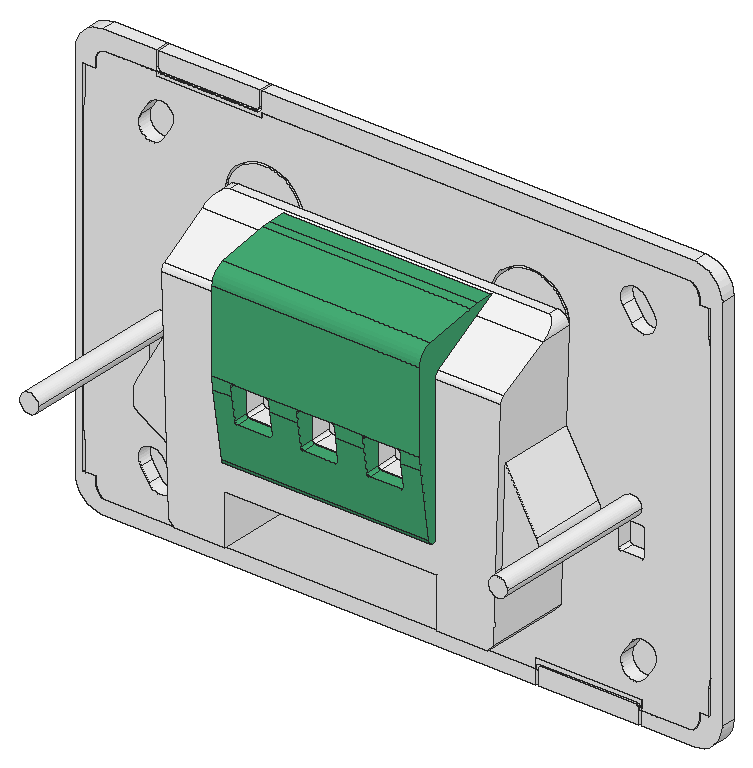
Revit family "SE - Cadence - P3025X__", category Electrical Fixtures, Revit 2016
Family settings
  Maintain Annotation Orientation = No
  Part Type = Normal
  Round Connector Dimension = Use Diameter
  OmniClass Number = 23.80.50.11.14
  OmniClass Title = Switches
  Work Plane-Based = No
  Always vertical = No
  Cut with Voids When Loaded = No
  Shared = No
  Room Calculation Point = No
Parameters (values of type "P3025X")
  Width [instance] = if(Product Selection = Assembly, 116 mm, if(Product Selection = Grid, 112 mm, 116 mm))  # 116 mm
  White = Colour : White
  URL = ""
  Type Image = <None>
  Standards [instance] = if(Product Selection = Skin, "NA", "AS 3112")  # "AS 3112"
  Skin surface finish [instance] = if(Product Selection = Skin, "Glossy", if(Product Selection = Assembly, "Glossy", "NA"))  # "Glossy"
  Skin colour [instance] = if(and(Product Selection = Skin, Skin Colour Option = White), "White", if(and(Product Selection = Skin, Skin Colour Option = Black), "Black", if(and(Product Selection = Assembly, Skin Colour Option = White), "White", if(and(Product Selection = Assembly, Skin Colour Option = Black), "Black", if(Product Selection = Grid, "NA", "NA")))))  # "White"
  Skin Option [instance] = or(Product Selection = Skin, or(Product Selection = Assembly))  # yes
  Skin = Option : Skin
  Rated current [instance] = if(Product Selection = Skin, "NA", "10 A, 250 V AC, 50 Hz")  # "10 A, 250 V AC, 50 Hz"
  Range = "Clipsal Pro Series"  # constant formula
  REACH Declaration = ""
  Product certifications [instance] = if(Product Selection = Skin, "NA", "RCM")  # "RCM"
  Product Selection [instance] = Option : Assembly
  Plate orientation [instance] = "Horizontal"  # constant formula
  Outlet poles configuration [instance] = if(Product Selection = Skin, "NA", "1P + E with shutter")  # "1P + E with shutter"
  Outlet Standard Description [instance] = ""
  Outlet Standard [instance] = "Australian"  # constant formula
  Number of switch [instance] = "3"  # constant formula
  Number of power socket outlets [instance] = if(Product Selection = Skin, "NA", "2")  # "2"
  Model Number [instance] = if(and(Product Selection = Skin, Skin Colour Option = White), "P3025XC-XW", if(and(Product Selection = Skin, Skin Colour Option = Black), "P3025XC-BK", if(and(Product Selection = Assembly, Skin Colour Option = White), "P3025XA-XW", if(and(Product Selection = Assembly, Skin Colour Option = Black), "P3025XA-BK", if(Product Selection = Grid, "P3025XAG", "NA")))))  # "P3025XA-XW"
  Model Description [instance] = if(Product Selection = Assembly, "Socket Sw Horiz Twin 1Ex20A 10A 250V ", if(Product Selection = Grid, "Grid Socket SwHoriz Twin 1Ex20A 10A 250V", if(Product Selection = Skin, "Skin Socket Sw Horiz Twin 1ExBlank ", "NA")))  # "Socket Sw Horiz Twin 1Ex20A 10A 250V "
  Local signalling = ""
  Height [instance] = if(Product Selection = Assembly, 78 mm, if(Product Selection = Grid, 72 mm, 78 mm))  # 78 mm
  Grid colour [instance] = if(Grid Option, "White", if(Product Selection = Assembly, "White", "NA"))  # "White"
  Grid = Option : Grid
  Eu RoHS Compliance = ""
  Environmental disclosure = ""
  Embedding Depth (depth into the  wall) [instance] = ""
  Electrical durability [instance] = ""
  Device Presentation [instance] = if(Product Selection = Assembly, "Grid plate with skin and extra sw mechanism ", if(Product Selection = Grid, "Grid Plate and extra sw mechanism", if(Product Selection = Skin, "Skin", "NA")))  # "Grid plate with skin and extra sw mechanism "
  Depth [instance] = if(Product Selection = Assembly, 30 mm, if(Product Selection = Grid, 25 mm, 9 mm))  # 30 mm
  Connections - terminals [instance] = ""
  Clamping connection capacity [instance] = if(Product Selection = Assembly, "Up 4 x 2.5 mm² for rigid cable(s) , 1 x 2.5...4 x 2.5 mm² for stranded cable(s) ", if(Product Selection = Grid, "1 x 2.5...4 x 2.5 mm² for rigid cable(s),1 x 2.5...4 x 2.5 mm² for stranded cable(s) ", "NA"))  # "Up 4 x 2.5 mm² for rigid cable(s) , 1 x 2.5...4 x 2.5 mm² for stranded cable(s) "
  Assembly = Option : Assembly
  Manufacturer = "Schneider Electric"
  Grid Option [instance] = or(Product Selection = Grid, or(Product Selection = Assembly))  # yes
  Description = ""
  Skin Colour Option [instance] = Colour : White
  Black = Colour : Black
Reference planes
  plane 1 "Center (Front/Back)": y = 0
  plane 2: z = 0
  plane 3 "Center (Left/Right)": x = 0
  plane 4: z = 39
  plane 5: z = -39
  plane 6: x = -58
  plane 7: x = 58
Forms (mm)
  Extrusion 1, solid, not visible
    sketch origin (0, 0, 0) x (1, 0, 0) y (0, 0, 1)
      loop
        circle (0, 0) r 0.25
    from 0 to 0.256
Dimensions and locks
  equal spacing: plane 7, plane 3 "Center (Left/Right)", plane 6
  equal spacing: plane 4, level, plane 5
  "Height": plane 4 to plane 5
  "Width": plane 7 to plane 6
  aligned and locked: level to plane 2
  aligned and locked: level to Extrusion 1 sketch curve
  aligned and locked: plane 3 "Center (Left/Right)" to Extrusion 1 sketch curve
Automatic sketch dimensions
  radius of Extrusion 1 sketch curve = 0.25 mm
Nested families
  nested 1: "Colour" at (-2.687, 0, -4.778) x (-1, 0, 0) z (0, 0, 1), type <- "Skin Colour Option", type "White"
  nested 2: "Option" at (-0.187, 7.4, -4.778) x (-1, 0, 0) z (0, 0, 1), type <- "Product Selection", type "Assembly"
    with Product Description "Grid Socket Sw Horiz Twin 10A 250V", Part Number "P3025G"
Connectors
  electrical at (0, 0, 0)
    settings: on Extrusion 1, index 1, voltage 0 V, apparent load 0 VA, apparent load phase1 0 VA, apparent load phase2 0 VA, apparent load phase3 0 VA, power factor 1, load classification "Other", number of poles 1, system type 30, power factor state 1, is connector primary yes, connector utility no, sub classification motor no, connector description ""
Definition of nested family "Colour"
  Parameters (values of type "Red")
    URL = ""
    Type Comments = ""
    Skin = yes
    Model = ""
    Manufacturer = ""
    Description = ""
    Default Elevation = 0 mm
    Cost = 0
    Colour = none
  Types (5): name
    Blue
    Black
    White
    Green
    Red
  Reference planes
    plane 1: y = 0
    plane 2: z = 0
    plane 3: x = 0
    plane 4: y = -16.4
    plane 5: y = -9.9
    plane 6: through (47.914, -16.4, 1219.2) normal (-0.6561, 0.7547, 0)
  Forms (mm)
    Blend 1, solid, material <- "Colour", visible <- "Skin"
      base sketch origin (-522.469, -7.4, -518.248) x (0, 0, 1) y (-1, 0, 0)
        loop
          arc (557.027, -577.782) -> (560.562, -576.318) -> (562.027, -572.782) r 5
          line (562.027, -572.782) -> (562.027, -466.782)
          arc (562.027, -466.782) -> (560.562, -463.247) -> (557.027, -461.782) r 5
          line (557.027, -461.782) -> (489.027, -461.782)
          arc (489.027, -461.782) -> (485.491, -463.247) -> (484.027, -466.782) r 5
          line (484.027, -466.782) -> (484.027, -572.782)
          arc (484.027, -572.782) -> (485.491, -576.318) -> (489.027, -577.782) r 5
          line (489.027, -577.782) -> (557.027, -577.782)
      top sketch origin (-522.469, -7.4, -518.248) x (0, 0, 1) y (-1, 0, 0)
        loop
          arc (557.107, -472.5) -> (555.849, -469.439) -> (552.787, -468.181) r 4.296
          line (552.787, -468.181) -> (493.266, -468.181)
          arc (493.266, -468.181) -> (490.205, -469.439) -> (488.946, -472.5) r 4.296
          line (488.946, -472.5) -> (488.946, -567.065)
          arc (488.946, -567.065) -> (490.205, -570.126) -> (493.266, -571.383) r 4.296
          line (493.266, -571.383) -> (552.787, -571.383)
          arc (552.787, -571.383) -> (555.849, -570.126) -> (557.107, -567.065) r 4.296
          line (557.107, -567.065) -> (557.107, -472.5)
      from 2.5 to 9
    Extrusion 2, void
      sketch origin (-522.469, -7.4, -518.248) x (0, 0, 1) y (-1, 0, 0)
        loop
          arc (514.928, -485.666) -> (512.312, -486.367) -> (513.013, -488.983) r 1.915
          line (513.013, -488.983) -> (519.245, -492.581)
          arc (519.245, -492.581) -> (521.861, -491.88) -> (521.16, -489.264) r 1.915
          line (521.16, -489.264) -> (514.928, -485.666)
        loop
          arc (513.013, -502.982) -> (512.312, -505.598) -> (514.928, -506.299) r 1.915
          line (514.928, -506.299) -> (521.16, -502.7)
          arc (521.16, -502.7) -> (521.861, -500.085) -> (519.245, -499.384) r 1.915
          line (519.245, -499.384) -> (513.013, -502.982)
        loop
          line (498.442, -498.644) -> (507.17, -498.644)
          arc (507.17, -498.644) -> (509.865, -495.949) -> (507.17, -493.255) r 2.695
          line (507.17, -493.255) -> (498.442, -493.321)
          arc (498.442, -493.321) -> (495.781, -495.983) -> (498.442, -498.644) r 2.662
        loop
          line (514.928, -553.899) -> (521.16, -550.3)
          arc (521.16, -550.3) -> (521.861, -547.685) -> (519.245, -546.984) r 1.915
          line (519.245, -546.984) -> (513.013, -550.582)
          arc (513.013, -550.582) -> (512.312, -553.198) -> (514.928, -553.899) r 1.915
        loop
          line (513.013, -536.583) -> (519.245, -540.181)
          arc (519.245, -540.181) -> (521.861, -539.48) -> (521.16, -536.864) r 1.915
          line (521.16, -536.864) -> (514.928, -533.266)
          arc (514.928, -533.266) -> (512.312, -533.967) -> (513.013, -536.583) r 1.915
        loop
          arc (498.442, -540.921) -> (495.781, -543.582) -> (498.442, -546.244) r 2.662
          line (498.442, -546.244) -> (507.17, -546.31)
          arc (507.17, -546.31) -> (509.865, -543.615) -> (507.17, -540.921) r 2.695
          line (507.17, -540.921) -> (498.442, -540.921)
      from 8.263 to 9
    Extrusion 3, void
      sketch origin (-522.469, -16.4, -518.248) x (0, 0, -1) y (-1, 0, 0)
        loop
          arc (-548.826, -486.722) -> (-551.839, -487.97) -> (-553.086, -490.982) r 4.261
          line (-553.086, -490.982) -> (-553.086, -500.982)
          arc (-553.086, -500.982) -> (-551.839, -503.995) -> (-548.826, -505.243) r 4.261
          line (-548.826, -505.243) -> (-538.982, -505.243)
          arc (-538.982, -505.243) -> (-535.867, -503.889) -> (-534.732, -500.687) r 4.261
          line (-534.732, -500.687) -> (-534.722, -490.982)
          arc (-534.722, -490.982) -> (-535.969, -487.97) -> (-538.982, -486.722) r 4.261
          line (-538.982, -486.722) -> (-548.826, -486.722)
        loop
          line (-548.982, -552.843) -> (-538.982, -552.843)
          arc (-538.982, -552.843) -> (-535.969, -551.595) -> (-534.722, -548.582) r 4.261
          line (-534.722, -548.582) -> (-534.732, -538.877)
          arc (-534.732, -538.877) -> (-535.867, -535.676) -> (-538.982, -534.322) r 4.261
          line (-538.982, -534.322) -> (-548.982, -534.322)
          arc (-548.982, -534.322) -> (-551.995, -535.57) -> (-553.243, -538.582) r 4.261
          line (-553.243, -538.582) -> (-553.243, -548.582)
          arc (-553.243, -548.582) -> (-551.995, -551.595) -> (-548.982, -552.843) r 4.261
        loop
          line (-513.592, -488.269) -> (-514.646, -486.54) -> (-520.537, -489.995) -> (-519.572, -491.667) -> (-513.592, -488.269)
        loop
          line (-519.568, -500.269) -> (-520.565, -502.007) -> (-514.584, -505.411) -> (-513.639, -503.669) -> (-519.568, -500.269)
        loop
          line (-499.373, -494.979) -> (-506.247, -494.995) -> (-506.247, -496.953) -> (-499.367, -496.953) -> (-499.373, -494.979)
        loop
          line (-513.592, -551.296) -> (-519.572, -547.898) -> (-520.537, -549.569) -> (-514.646, -553.024) -> (-513.592, -551.296)
        loop
          line (-519.568, -539.295) -> (-513.639, -535.896) -> (-514.584, -534.153) -> (-520.565, -537.557) -> (-519.568, -539.295)
        loop
          line (-499.373, -544.586) -> (-499.367, -542.612) -> (-506.247, -542.612) -> (-506.247, -544.57) -> (-499.373, -544.586)
        loop
          arc (-539.643, -510.522) -> (-542.656, -511.77) -> (-543.904, -514.782) r 4.261
          line (-543.904, -514.782) -> (-543.904, -524.782)
          arc (-543.904, -524.782) -> (-542.656, -527.795) -> (-539.643, -529.043) r 4.261
          line (-539.643, -529.043) -> (-529.8, -529.043)
          arc (-529.8, -529.043) -> (-526.685, -527.689) -> (-525.549, -524.487) r 4.261
          line (-525.549, -524.487) -> (-525.539, -514.782)
          arc (-525.539, -514.782) -> (-526.787, -511.77) -> (-529.8, -510.522) r 4.261
          line (-529.8, -510.522) -> (-539.643, -510.522)
      from 0 to 9
    Extrusion 4, solid, material <- "Colour", visible <- "Skin"
      sketch origin (-522.469, -9.9, -518.248) x (0, 0, -1) y (-1, 0, 0)
        loop
          line (-562.027, -466.782) -> (-562.027, -572.782)
          arc (-562.027, -572.782) -> (-560.562, -576.318) -> (-557.027, -577.782) r 5
          line (-557.027, -577.782) -> (-489.027, -577.782)
          arc (-489.027, -577.782) -> (-485.491, -576.318) -> (-484.027, -572.782) r 5
          line (-484.027, -572.782) -> (-484.027, -466.782)
          arc (-484.027, -466.782) -> (-485.491, -463.247) -> (-489.027, -461.782) r 5
          line (-489.027, -461.782) -> (-557.027, -461.782)
          arc (-557.027, -461.782) -> (-560.562, -463.247) -> (-562.027, -466.782) r 5
        loop
          arc (-558.592, -572.762) -> (-557.864, -573.716) -> (-556.75, -574.162) r 2.259
          line (-556.75, -574.162) -> (-555.297, -574.162) -> (-555.297, -576.408) -> (-489.744, -576.408) -> (-489.744, -574.142) -> (-488.936, -574.142)
          arc (-488.936, -574.142) -> (-487.473, -573.71) -> (-486.48, -572.552) r 2.692
          line (-486.48, -572.552) -> (-486.48, -495.205) -> (-488.221, -495.205) -> (-488.221, -476.288) -> (-486.48, -476.288) -> (-486.48, -467.439)
          arc (-486.48, -467.439) -> (-487.328, -466.365) -> (-488.602, -465.865) r 2.616
          line (-488.602, -465.865) -> (-489.771, -465.865) -> (-489.771, -463.939) -> (-555.271, -463.939) -> (-555.271, -465.865) -> (-556.44, -465.865)
          arc (-556.44, -465.865) -> (-557.747, -466.39) -> (-558.592, -467.516) r 2.616
          line (-558.592, -467.516) -> (-558.592, -544.303) -> (-557.792, -544.303) -> (-557.792, -563.22) -> (-558.592, -563.22) -> (-558.592, -572.762)
      from 0 to 2.5
    Extrusion 5, void
      sketch origin (47.914, -16.4, 1219.2) x (0.75471, 0.656059, 0) y (0, 0, 1)
        loop
          line (2.077, -1190.591) -> (2.077, -1239.381)
          spline (2.077, -1239.381) -> (2.188, -1240.23) -> (2.511, -1241.022) -> (3.025, -1241.701) -> (3.695, -1242.223) -> (4.476, -1242.551) -> (5.313, -1242.662) -> (6.151, -1242.551) -> (6.931, -1242.223) -> (7.601, -1241.701) -> (8.116, -1241.022) -> (8.439, -1240.23) -> (8.549, -1239.381)
          line (8.549, -1239.381) -> (8.549, -1190.591)
          spline (8.549, -1190.591) -> (8.439, -1189.741) -> (8.116, -1188.95) -> (7.601, -1188.27) -> (6.931, -1187.749) -> (6.151, -1187.421) -> (5.313, -1187.309) -> (4.476, -1187.421) -> (3.695, -1187.749) -> (3.025, -1188.27) -> (2.511, -1188.95) -> (2.188, -1189.741) -> (2.077, -1190.591)
      from -0.469 to 0.948
    Extrusion 6, void
      sketch origin (-51.039, -16.4, 1219.2) x (-0.75471, 0.656059, 0) y (0, 0, -1)
        loop
          spline (3.108, 1190.591) -> (3.217, 1189.741) -> (3.536, 1188.95) -> (4.043, 1188.27) -> (4.705, 1187.749) -> (5.476, 1187.421) -> (6.302, 1187.309) -> (7.129, 1187.421) -> (7.9, 1187.749) -> (8.561, 1188.27) -> (9.069, 1188.95) -> (9.388, 1189.741) -> (9.497, 1190.591)
          line (9.497, 1190.591) -> (9.497, 1239.381)
          spline (9.497, 1239.381) -> (9.388, 1240.23) -> (9.069, 1241.022) -> (8.561, 1241.701) -> (7.9, 1242.223) -> (7.129, 1242.551) -> (6.302, 1242.662) -> (5.476, 1242.551) -> (4.705, 1242.223) -> (4.043, 1241.701) -> (3.536, 1241.022) -> (3.217, 1240.23) -> (3.108, 1239.381)
          line (3.108, 1239.381) -> (3.108, 1190.591)
      from 0.664 to 3.628
    Extrusion 7, void
      sketch origin (16.111, -7.4, 106.058) x (0, 0, 1) y (-1, 0, 0)
        loop
          arc (-111.843, 44.626) -> (-112.048, 45.121) -> (-112.543, 45.326) r 0.7
          line (-112.543, 45.326) -> (-117.136, 45.326)
          arc (-117.136, 45.326) -> (-114.441, 42.631) -> (-117.136, 39.936) r 2.695
          line (-117.136, 39.936) -> (-112.543, 39.936)
          arc (-112.543, 39.936) -> (-112.048, 40.141) -> (-111.843, 40.636) r 0.7
          line (-111.843, 40.636) -> (-111.843, 44.626)
        loop
          line (-117.136, -7.73) -> (-112.566, -7.73)
          arc (-112.566, -7.73) -> (-112.055, -7.518) -> (-111.843, -7.007) r 0.723
          line (-111.843, -7.007) -> (-111.843, -2.995)
          arc (-111.843, -2.995) -> (-112.035, -2.532) -> (-112.497, -2.341) r 0.654
          line (-112.497, -2.341) -> (-117.136, -2.341)
          arc (-117.136, -2.341) -> (-114.441, -5.035) -> (-117.136, -7.73) r 2.695
      from 8.58 to 9
    Extrusion 8, void
      sketch origin (16.111, -7.4, 106.058) x (0, 0, 1) y (-1, 0, 0)
        loop
          arc (-64.989, -5.723) -> (-65.555, -5.957) -> (-65.789, -6.523) r 0.8
          line (-65.789, -6.523) -> (-65.789, -23.84)
          arc (-65.789, -23.84) -> (-65.555, -24.405) -> (-64.989, -24.64) r 0.8
          line (-64.989, -24.64) -> (-60.771, -24.64) -> (-60.771, -5.723) -> (-64.989, -5.723)
        loop
          line (-65.405, -6.7) -> (-65.405, -23.675)
          arc (-65.405, -23.675) -> (-65.257, -24.033) -> (-64.899, -24.181) r 0.506
          line (-64.899, -24.181) -> (-61.653, -24.181) -> (-61.653, -6.181) -> (-64.887, -6.181)
          arc (-64.887, -6.181) -> (-65.253, -6.333) -> (-65.405, -6.7) r 0.519
        loop
          arc (-137.585, 43.375) -> (-137.019, 43.61) -> (-136.785, 44.175) r 0.8
          line (-136.785, 44.175) -> (-136.785, 61.492)
          arc (-136.785, 61.492) -> (-137.019, 62.057) -> (-137.585, 62.292) r 0.8
          line (-137.585, 62.292) -> (-141.802, 62.292) -> (-141.802, 43.375) -> (-137.585, 43.375)
        loop
          line (-137.169, 44.352) -> (-137.169, 61.327)
          arc (-137.169, 61.327) -> (-137.317, 61.685) -> (-137.675, 61.834) r 0.506
          line (-137.675, 61.834) -> (-140.921, 61.834) -> (-140.921, 43.834) -> (-137.687, 43.834)
          arc (-137.687, 43.834) -> (-137.32, 43.985) -> (-137.169, 44.352) r 0.519
      from 0 to 9
  Cuts and joins
    Extrusion 2, Extrusion 3, Extrusion 5, Extrusion 6, Extrusion 7, Extrusion 8 cuts Blend 1
    Extrusion 6, Extrusion 7, Extrusion 8 cuts Extrusion 4
    joined: Blend 1, Extrusion 4
  Dimensions and locks
    locked: plane 4 to plane 5 at 6.5
    locked: plane 4 to plane 1 at 16.4
  Nested families
    nested 1: "SWITCH ON" at (21.061, -6.614, 25.651) x (-1, 0, 0) z (0, 0, 1), visible <- "Skin", type "SWITCH"
    nested 2: "SWITCH OFF" at (-26.461, -6.614, 25.729) x (-1, 0, 0) z (0, 0, 1), type "SWITCH"
    nested 3: "SWITCH ON" at (-2.683, -6.614, 16.445) x (-1, 0, 0) z (0, 0, 1), visible <- "Skin", type "SWITCH"
  Definition of nested family "SWITCH ON"
    Parameters (values of type "SWITCH")
      Skin = yes
      Colour = none
    Reference planes
      plane 1 "Center (Front/Back)": y = 0
      plane 2: z = 0
      plane 3 "Center (Left/Right)": x = 0
    Forms (mm)
      Extrusion 1, solid, material <- "Colour", visible <- "Skin"
        sketch origin (-106.024, 677.278, -650.038) x (0, 1, 0) y (0, 0, 1)
          loop
            line (-689.663, 657.087) -> (-688.645, 653.863)
            arc (-688.645, 653.863) -> (-687.622, 649.481) -> (-687.278, 644.994) r 29.454
            line (-687.278, 644.994) -> (-687.278, 642.185)
            arc (-687.278, 642.185) -> (-687.225, 641.664) -> (-687.067, 641.164) r 2.576
            line (-687.067, 641.164) -> (-680.564, 641.164) -> (-680.564, 658.813) -> (-687.067, 658.813) -> (-689.371, 657.749)
            arc (-689.371, 657.749) -> (-689.642, 657.473) -> (-689.663, 657.087) r 0.548
        from 89.172 to 118.842
      Extrusion 2, void
        sketch origin (0, 0, -8.874) x (0, 1, 0) y (0, 0, 1)
          loop
            line (-3.286, 17.649) -> (-11.147, 17.649) -> (-9.568, 12.649) -> (-3.286, 12.649) -> (-3.286, 17.649)
        from -18.415 to 35.249
      Extrusion 3, solid
        sketch origin (0, 0, -8.874) x (0, 1, 0) y (0, 0, 1)
          loop
            line (-9.495, 12.749) -> (-3.286, 12.749) -> (-3.286, 17.749) -> (-9.573, 17.749) -> (-10.883, 17.143) -> (-9.495, 12.749)
        from -16.853 to 12.818
      Extrusion 4, void
        sketch origin (81.25, 0, -8.874) x (1, 0, 0) y (0, 0, 1)
          loop
            arc (-86.25, 17.749) -> (-89.078, 16.577) -> (-90.25, 13.749) r 4
            line (-90.25, 13.749) -> (-90.25, 4)
            arc (-90.25, 4) -> (-89.078, 1.172) -> (-86.25, 0) r 4
            line (-86.25, 0) -> (-76.25, 0)
            arc (-76.25, 0) -> (-73.422, 1.172) -> (-72.25, 4) r 4
            line (-72.25, 4) -> (-72.25, 13.749)
            arc (-72.25, 13.749) -> (-73.422, 16.577) -> (-76.25, 17.749) r 4
            line (-76.25, 17.749) -> (-86.25, 17.749)
          loop
            line (-103.28, 25.029) -> (-103.28, -6.021) -> (-57.141, -6.021) -> (-57.141, 25.029) -> (-103.28, 25.029)
        from 0 to 19.662
    Cuts and joins
      Extrusion 2, Extrusion 4 cuts Extrusion 1
      Extrusion 4 cuts Extrusion 3
    Dimensions and locks
      aligned and locked: level to plane 2
      aligned and locked: cut or joined group of Extrusion 1, Extrusion 2, Extrusion 4 to Extrusion 3
      aligned and locked: Extrusion 3 to cut or joined group of Extrusion 1, Extrusion 2, Extrusion 4
  Definition of nested family "SWITCH OFF"
    Parameters (values of type "SWITCH")
      Skin = yes
      Colour = none
    Reference planes
      plane 1 "Center (Front/Back)": y = 0
      plane 2: z = 0
      plane 3 "Center (Left/Right)": x = 0
    Forms (mm)
      Extrusion 1, solid, material <- "Colour", visible <- "Skin"
        sketch origin (-106.024, 677.278, -650.038) x (0, 1, 0) y (0, 0, 1)
          loop
            arc (-689.663, 642.99) -> (-689.642, 642.604) -> (-689.371, 642.328) r 0.548
            line (-689.371, 642.328) -> (-687.067, 641.264) -> (-680.564, 641.264) -> (-680.564, 658.913) -> (-687.067, 658.913)
            arc (-687.067, 658.913) -> (-687.225, 658.413) -> (-687.278, 657.892) r 2.576
            line (-687.278, 657.892) -> (-687.278, 655.082)
            arc (-687.278, 655.082) -> (-687.622, 650.595) -> (-688.645, 646.213) r 29.454
            line (-688.645, 646.213) -> (-689.663, 642.99)
        from 89.172 to 118.842
      Extrusion 2, void
        sketch origin (0, 0, -8.874) x (0, 1, 0) y (0, 0, 1)
          loop
            line (-3.286, 0.1) -> (-3.286, 5.1) -> (-9.568, 5.1) -> (-11.147, 0.1) -> (-3.286, 0.1)
        from -16.853 to 12.818
      Extrusion 3, solid
        sketch origin (0, 0, -8.874) x (0, 1, 0) y (0, 0, 1)
          loop
            line (-9.495, 5) -> (-10.883, 0.605) -> (-9.573, 0) -> (-3.286, 0) -> (-3.286, 5) -> (-9.495, 5)
        from -16.853 to 12.818
      Extrusion 4, void
        sketch origin (81.25, 0, -8.874) x (1, 0, 0) y (0, 0, 1)
          loop
            arc (-86.25, 17.749) -> (-89.078, 16.577) -> (-90.25, 13.749) r 4
            line (-90.25, 13.749) -> (-90.25, 4)
            arc (-90.25, 4) -> (-89.078, 1.172) -> (-86.25, 0) r 4
            line (-86.25, 0) -> (-76.25, 0)
            arc (-76.25, 0) -> (-73.422, 1.172) -> (-72.25, 4) r 4
            line (-72.25, 4) -> (-72.25, 13.749)
            arc (-72.25, 13.749) -> (-73.422, 16.577) -> (-76.25, 17.749) r 4
            line (-76.25, 17.749) -> (-86.25, 17.749)
          loop
            line (-103.28, 25.029) -> (-103.28, -6.021) -> (-57.141, -6.021) -> (-57.141, 25.029) -> (-103.28, 25.029)
        from 0 to 19.662
    Cuts and joins
      Extrusion 2, Extrusion 4 cuts Extrusion 1
      Extrusion 4 cuts Extrusion 3
    Dimensions and locks
      aligned and locked: level to plane 2
Definition of nested family "Option"
  Parameters (values of type "Assembly")
    URL = ""
    Type Image = (empty or 0)
    Product Description [instance] = "Grid Socket Sw Horiz Twin 10A 250V"
    Part Number [instance] = "P3025G"
    Manufacturer = "Schneider Electric"
    Grid = yes
    Description = ""
  Types (3, lengths in mm): name | Grid
    Grid | yes
    Skin | no
    Assembly | yes
  Reference planes
    plane 1 "Center (Front/Back)": y = 0
    plane 2: z = 0
    plane 3 "Center (Left/Right)": x = 0
  Forms (mm)
    Extrusion 1, solid, visible <- "Grid"
      sketch origin (0, 0, -0.625) x (1, 0, 0) y (0, 0, 1)
        loop
          arc (-28.632, 28.099) -> (-30.092, 27.481) -> (-30.662, 26.001) r 2.032
          line (-30.662, 26.001) -> (-29.568, -7.245) -> (-29.17, -19.343) -> (-28.063, -20.449) -> (-19.043, -20.449) -> (-19.043, -11.449) -> (19.083, -11.449) -> (19.083, -20.449) -> (27.947, -20.449) -> (29.054, -19.343) -> (29.415, -8.367) -> (30.547, 26.013)
          arc (30.547, 26.013) -> (29.98, 27.484) -> (28.528, 28.099) r 2.02
          line (28.528, 28.099) -> (-28.632, 28.099)
      from 0 to -15
    Extrusion 2, void
      sketch origin (0, 0, 0) x (0, 1, 0) y (0, 0, 1)
        loop
          line (5.61, 25.373) -> (14.341, 20.42)
          arc (14.341, 20.42) -> (14.822, 19.832) -> (15.006, 19.095) r 1.734
          line (15.006, 19.095) -> (15.994, 17.784) -> (15.994, 19.482) -> (15.994, 29.937) -> (0, 29.937) -> (0, 28.636) -> (5.61, 25.373)
      from -33.01 to 36.244
    Extrusion 3, solid, visible <- "Grid"
      sketch origin (0, 0, 0) x (0, 1, 0) y (0, 0, 1)
        loop
          line (15.921, 25.534) -> (7.049, 27.098)
          arc (7.049, 27.098) -> (6.271, 27.204) -> (5.487, 27.249) r 10
          line (5.487, 27.249) -> (2.29, 27.304) -> (5.61, 25.373) -> (14.341, 20.42)
          arc (14.341, 20.42) -> (14.796, 19.882) -> (15, 19.207) r 1.734
          line (15, 19.207) -> (15, -6.932)
          arc (15, -6.932) -> (15.86, -6.865) -> (16.347, -6.154) r 1
          line (16.347, -6.154) -> (18.221, 5.851)
          arc (18.221, 5.851) -> (18.355, 7.004) -> (18.4, 8.164) r 15
          line (18.4, 8.164) -> (18.4, 22.579)
          arc (18.4, 22.579) -> (17.698, 24.508) -> (15.921, 25.534) r 3
      from -18.668 to 18.552
    Extrusion 4, solid, visible <- "Grid"
      sketch origin (0, 0, 0) x (1, 0, 0) y (0, 0, 1)
        loop
          line (-29.946, 9.631) -> (-35.94, -0.868)
          arc (-35.94, -0.868) -> (-36.24, -1.591) -> (-36.342, -2.368) r 3
          line (-36.342, -2.368) -> (-36.342, -4.162)
          arc (-36.342, -4.162) -> (-36.059, -5.141) -> (-35.296, -5.817) r 1.832
          line (-35.296, -5.817) -> (-29.369, -9.343) -> (-29.946, 9.631)
        loop
          line (29.946, 9.631) -> (29.369, -9.343) -> (35.296, -5.817)
          arc (35.296, -5.817) -> (36.059, -5.141) -> (36.342, -4.162) r 1.832
          line (36.342, -4.162) -> (36.342, -2.368)
          arc (36.342, -2.368) -> (36.24, -1.591) -> (35.94, -0.868) r 3
          line (35.94, -0.868) -> (29.946, 9.631)
      from 0 to -13.788
    Extrusion 5, void
      sketch origin (0, 0, 0) x (1, 0, 0) y (0, 0, 1)
        loop
          arc (-14.651, 8.084) -> (-15.038, 7.924) -> (-15.199, 7.536) r 0.548
          line (-15.199, 7.536) -> (-15.199, 1.8)
          arc (-15.199, 1.8) -> (-15.039, 1.415) -> (-14.654, 1.255) r 0.545
          line (-14.654, 1.255) -> (-8.928, 1.255)
          arc (-8.928, 1.255) -> (-8.574, 1.402) -> (-8.428, 1.756) r 0.501
          line (-8.428, 1.756) -> (-8.428, 7.539)
          arc (-8.428, 7.539) -> (-8.587, 7.924) -> (-8.973, 8.084) r 0.545
          line (-8.973, 8.084) -> (-14.651, 8.084)
        loop
          line (14.651, 8.084) -> (8.973, 8.084)
          arc (8.973, 8.084) -> (8.587, 7.924) -> (8.428, 7.539) r 0.545
          line (8.428, 7.539) -> (8.428, 1.756)
          arc (8.428, 1.756) -> (8.574, 1.402) -> (8.928, 1.255) r 0.501
          line (8.928, 1.255) -> (14.654, 1.255)
          arc (14.654, 1.255) -> (15.039, 1.415) -> (15.199, 1.8) r 0.545
          line (15.199, 1.8) -> (15.199, 7.536)
          arc (15.199, 7.536) -> (15.038, 7.924) -> (14.651, 8.084) r 0.548
        loop
          arc (-2.839, 8.084) -> (-3.227, 7.924) -> (-3.387, 7.536) r 0.548
          line (-3.387, 7.536) -> (-3.387, 1.8)
          arc (-3.387, 1.8) -> (-3.227, 1.415) -> (-2.842, 1.255) r 0.545
          line (-2.842, 1.255) -> (2.884, 1.255)
          arc (2.884, 1.255) -> (3.238, 1.402) -> (3.384, 1.756) r 0.501
          line (3.384, 1.756) -> (3.384, 7.539)
          arc (3.384, 7.539) -> (3.225, 7.924) -> (2.839, 8.084) r 0.545
          line (2.839, 8.084) -> (-2.839, 8.084)
      from -11.163 to -22.411
    Extrusion 6, solid, visible <- "Grid"
      sketch origin (0, 0, 0) x (1, 0, 0) y (0, 0, 1)
        loop
          circle (-41.983, 0.625) r 1.7
        loop
          circle (42.017, 0.625) r 1.7
      from 0 to -30
    Extrusion 7, solid, visible <- "Grid"
      sketch origin (0, 0, 0) x (0, 1, 0) y (0, 0, 1)
        loop
          line (15, -12.074) -> (0, -12.074) -> (0, -21.074) -> (15, -12.074)
      from -19.043 to 19.083
  Cuts and joins
    Extrusion 5 cuts Extrusion 3
    joined: Extrusion 4, Extrusion 6
    Extrusion 2, Extrusion 5 cuts Extrusion 1
  Dimensions and locks
    aligned and locked: level to plane 2
    aligned and locked: plane 3 "Center (Left/Right)" to nested 1
  Nested families
    nested 1: "Grid" at (0, -44.456, 0), visible <- "Grid", type "Default"
  Definition of nested family "Grid"
    Parameters (values of type "Default")
      URL = ""
      Type Comments = ""
      Model = ""
      Manufacturer = ""
      LOD 300 = yes
      LOD 100 = no
      Description = ""
      Default Elevation = 0 mm
      Cost = 0
      Colour = none
    Reference planes
      plane 1: y = 0
      plane 2: z = 0
      plane 3: x = 0
    Forms (mm)
      Extrusion 1, solid
        sketch origin (-250.747, 44.456, -499.463) x (0, 0, 1) y (-1, 0, 0)
          loop
            line (479.586, -194.399) -> (475.459, -194.956) -> (470.986, -194.94) -> (470.986, -196.643) -> (469.817, -196.643)
            arc (469.817, -196.643) -> (468.154, -197.497) -> (467.486, -199.243) r 2.616
            line (467.486, -199.243) -> (467.486, -203.555) -> (467.486, -207.428) -> (467.5, -294.661) -> (467.5, -296.093) -> (467.5, -302.695)
            arc (467.5, -302.695) -> (468.421, -304.29) -> (470.151, -304.92) r 2.692
            line (470.151, -304.92) -> (470.959, -304.92) -> (470.959, -306.602) -> (475.585, -306.602) -> (479.586, -307.186) -> (527.886, -307.186) -> (531.887, -306.602) -> (536.512, -306.602) -> (536.512, -304.94) -> (537.965, -304.94)
            arc (537.965, -304.94) -> (539.397, -304.2) -> (539.971, -302.695) r 2.259
            line (539.971, -302.695) -> (539.971, -297.485) -> (539.986, -282.102) -> (539.986, -199.243)
            arc (539.986, -199.243) -> (539.318, -197.497) -> (537.655, -196.643) r 2.616
            line (537.655, -196.643) -> (536.486, -196.643) -> (536.486, -194.94) -> (532.012, -194.956) -> (527.886, -194.399) -> (479.586, -194.399)
          loop
            arc (500.304, -223.357) -> (500.735, -223.369) -> (501.078, -223.108) r 0.647
            line (501.078, -223.108) -> (502.108, -221.533)
            arc (502.108, -221.533) -> (502.143, -221.058) -> (501.846, -220.686) r 0.653
            line (501.846, -220.686) -> (495.308, -216.911)
            arc (495.308, -216.911) -> (494.876, -216.898) -> (494.533, -217.16) r 0.647
            line (494.533, -217.16) -> (493.503, -218.734)
            arc (493.503, -218.734) -> (493.468, -219.21) -> (493.765, -219.582) r 0.653
            line (493.765, -219.582) -> (500.304, -223.357)
          loop
            line (502.017, -232.505) -> (501.169, -230.825)
            arc (501.169, -230.825) -> (500.775, -230.557) -> (500.304, -230.629) r 0.653
            line (500.304, -230.629) -> (493.765, -234.403)
            arc (493.765, -234.403) -> (493.539, -234.771) -> (493.594, -235.199) r 0.647
            line (493.594, -235.199) -> (494.442, -236.878)
            arc (494.442, -236.878) -> (494.837, -237.146) -> (495.308, -237.075) r 0.653
            line (495.308, -237.075) -> (501.846, -233.3)
            arc (501.846, -233.3) -> (502.072, -232.933) -> (502.017, -232.505) r 0.647
          loop
            line (487.373, -225.217) -> (479.6, -225.217)
            arc (479.6, -225.217) -> (479.167, -225.396) -> (478.988, -225.829) r 0.612
            line (478.988, -225.829) -> (479.087, -228.182)
            arc (479.087, -228.182) -> (479.259, -228.597) -> (479.675, -228.769) r 0.587
            line (479.675, -228.769) -> (487.472, -228.769)
            arc (487.472, -228.769) -> (487.904, -228.589) -> (488.084, -228.157) r 0.612
            line (488.084, -228.157) -> (487.985, -225.829)
            arc (487.985, -225.829) -> (487.806, -225.396) -> (487.373, -225.217) r 0.612
          loop
            line (501.078, -270.708) -> (502.017, -269.081)
            arc (502.017, -269.081) -> (502.085, -268.65) -> (501.846, -268.286) r 0.606
            line (501.846, -268.286) -> (495.308, -264.511)
            arc (495.308, -264.511) -> (494.876, -264.498) -> (494.533, -264.76) r 0.647
            line (494.533, -264.76) -> (493.503, -266.334)
            arc (493.503, -266.334) -> (493.468, -266.81) -> (493.765, -267.182) r 0.653
            line (493.765, -267.182) -> (500.304, -270.957)
            arc (500.304, -270.957) -> (500.739, -270.982) -> (501.078, -270.708) r 0.606
          loop
            line (502.108, -280.052) -> (501.169, -278.425)
            arc (501.169, -278.425) -> (500.779, -278.138) -> (500.304, -278.229) r 0.605
            line (500.304, -278.229) -> (493.765, -282.003)
            arc (493.765, -282.003) -> (493.527, -282.368) -> (493.594, -282.799) r 0.606
            line (493.594, -282.799) -> (494.533, -284.425)
            arc (494.533, -284.425) -> (494.873, -284.699) -> (495.308, -284.675) r 0.606
            line (495.308, -284.675) -> (501.846, -280.9)
            arc (501.846, -280.9) -> (502.143, -280.527) -> (502.108, -280.052) r 0.653
          loop
            line (478.988, -273.513) -> (478.988, -275.813)
            arc (478.988, -275.813) -> (479.151, -276.206) -> (479.543, -276.369) r 0.556
            line (479.543, -276.369) -> (487.355, -276.369)
            arc (487.355, -276.369) -> (487.801, -276.184) -> (487.985, -275.739) r 0.63
            line (487.985, -275.739) -> (487.985, -273.511)
            arc (487.985, -273.511) -> (487.782, -273.02) -> (487.291, -272.817) r 0.694
            line (487.291, -272.817) -> (479.684, -272.817)
            arc (479.684, -272.817) -> (479.192, -273.021) -> (478.988, -273.513) r 0.696
          loop
            arc (521.264, -233.266) -> (528.403, -233.107) -> (531.844, -226.85) r 7.15
            arc (531.844, -226.85) -> (528.556, -220.974) -> (521.844, -220.436) r 7.15
            arc (521.844, -220.436) -> (517.553, -226.67) -> (521.264, -233.266) r 7.15
          loop
            circle (524.696, -226.993) r 6.75
          loop
            arc (521.264, -268.32) -> (517.553, -274.916) -> (521.844, -281.15) r 7.15
            arc (521.844, -281.15) -> (528.556, -280.611) -> (531.844, -274.736) r 7.15
            arc (531.844, -274.736) -> (528.403, -268.479) -> (521.264, -268.32) r 7.15
          loop
            circle (524.696, -274.593) r 6.75
          loop
            arc (532.043, -204.723) -> (528.623, -205.45) -> (529.35, -208.87) r 2.473
            line (529.35, -208.87) -> (531.616, -210.342)
            arc (531.616, -210.342) -> (535.036, -209.615) -> (534.309, -206.194) r 2.473
            line (534.309, -206.194) -> (532.043, -204.723)
          loop
            line (532.043, -296.863) -> (534.309, -295.391)
            arc (534.309, -295.391) -> (535.036, -291.971) -> (531.616, -291.244) r 2.473
            line (531.616, -291.244) -> (529.35, -292.715)
            arc (529.35, -292.715) -> (528.623, -296.136) -> (532.043, -296.863) r 2.473
          loop
            line (473.162, -295.391) -> (475.428, -296.863)
            arc (475.428, -296.863) -> (478.849, -296.136) -> (478.122, -292.715) r 2.473
            line (478.122, -292.715) -> (475.856, -291.244)
            arc (475.856, -291.244) -> (472.435, -291.971) -> (473.162, -295.391) r 2.473
          loop
            arc (478.122, -208.87) -> (478.849, -205.45) -> (475.428, -204.723) r 2.473
            line (475.428, -204.723) -> (473.162, -206.194)
            arc (473.162, -206.194) -> (472.435, -209.615) -> (475.856, -210.342) r 2.473
            line (475.856, -210.342) -> (478.122, -208.87)
          loop
            line (497.57, -210.634) -> (497.57, -206.955)
            arc (497.57, -206.955) -> (497.413, -206.575) -> (497.034, -206.418) r 0.537
            line (497.034, -206.418) -> (492.565, -206.418)
            arc (492.565, -206.418) -> (492.188, -206.574) -> (492.032, -206.951) r 0.534
            line (492.032, -206.951) -> (492.032, -210.636)
            arc (492.032, -210.636) -> (492.187, -211.012) -> (492.563, -211.168) r 0.531
            line (492.563, -211.168) -> (497.037, -211.168)
            arc (497.037, -211.168) -> (497.414, -211.012) -> (497.57, -210.634) r 0.534
          loop
            arc (497.57, -290.951) -> (497.414, -290.574) -> (497.037, -290.418) r 0.534
            line (497.037, -290.418) -> (492.563, -290.418)
            arc (492.563, -290.418) -> (492.187, -290.573) -> (492.032, -290.949) r 0.531
            line (492.032, -290.949) -> (492.032, -294.634)
            arc (492.032, -294.634) -> (492.188, -295.011) -> (492.565, -295.168) r 0.534
            line (492.565, -295.168) -> (497.034, -295.168)
            arc (497.034, -295.168) -> (497.413, -295.011) -> (497.57, -294.631) r 0.537
            line (497.57, -294.631) -> (497.57, -290.951)
          loop
            arc (513.764, -257.02) -> (520.903, -256.861) -> (524.344, -250.604) r 7.15
            arc (524.344, -250.604) -> (521.056, -244.728) -> (514.344, -244.19) r 7.15
            arc (514.344, -244.19) -> (510.053, -250.424) -> (513.764, -257.02) r 7.15
          loop
            circle (517.196, -250.747) r 6.75
        from 0 to 7.4
      Extrusion 2, void
        sketch origin (-250.747, 44.456, -499.463) x (0, 0, 1) y (-1, 0, 0)
          loop
            line (532.432, -239.401) -> (534.817, -239.401) -> (534.817, -214.585) -> (529.885, -214.585) -> (517.636, -214.585) -> (514.139, -214.585) -> (507.896, -214.585) -> (507.896, -219.993) -> (514.139, -219.993) -> (514.139, -239.401) -> (517.636, -239.401) -> (532.432, -239.401)
          loop
            line (513.72, -214.908) -> (508.676, -214.908) -> (508.676, -219.642) -> (513.72, -219.642) -> (513.72, -214.908)
          loop
            line (535.301, -204.666) -> (533.036, -203.195)
            arc (533.036, -203.195) -> (526.967, -204.667) -> (528.784, -210.642) r 4.295
            line (528.784, -210.642) -> (530.227, -211.579)
            arc (530.227, -211.579) -> (536.425, -210.809) -> (535.301, -204.666) r 4.295
          loop
            arc (535.286, -296.896) -> (536.541, -290.994) -> (530.638, -289.739) r 4.267
            line (530.638, -289.739) -> (528.373, -291.211)
            arc (528.373, -291.211) -> (527.118, -297.113) -> (533.02, -298.367) r 4.267
            line (533.02, -298.367) -> (535.286, -296.896)
          loop
            arc (476.796, -289.716) -> (470.919, -291.012) -> (472.185, -296.896) r 4.267
            line (472.185, -296.896) -> (474.451, -298.367)
            arc (474.451, -298.367) -> (480.353, -297.113) -> (479.098, -291.21) r 4.267
            line (479.098, -291.21) -> (476.796, -289.716)
          loop
            arc (479.099, -210.375) -> (480.353, -204.473) -> (474.451, -203.218) r 4.267
            line (474.451, -203.218) -> (472.17, -204.666)
            arc (472.17, -204.666) -> (470.931, -210.592) -> (476.833, -211.846) r 4.267
            line (476.833, -211.846) -> (479.099, -210.375)
          loop
            line (531.307, -216.769) -> (531.307, -214.775) -> (530.518, -214.775) -> (530.518, -216.844)
            arc (530.518, -216.844) -> (530.195, -217.525) -> (529.463, -217.703) r 0.878
            line (529.463, -217.703) -> (528.626, -217.737) -> (524.943, -217.737) -> (524.943, -218.526) -> (529.634, -218.442)
            arc (529.634, -218.442) -> (530.817, -217.952) -> (531.307, -216.769) r 1.673
          loop
            line (518.953, -214.848) -> (518.164, -214.848) -> (518.164, -216.769)
            arc (518.164, -216.769) -> (518.661, -217.967) -> (519.859, -218.464) r 1.695
            line (519.859, -218.464) -> (524.409, -218.538) -> (524.409, -217.737) -> (519.831, -217.722)
            arc (519.831, -217.722) -> (519.21, -217.465) -> (518.953, -216.844) r 0.878
            line (518.953, -216.844) -> (518.953, -214.848)
          loop
            arc (531.307, -237.216) -> (530.817, -236.033) -> (529.634, -235.543) r 1.673
            line (529.634, -235.543) -> (524.943, -235.459) -> (524.943, -236.248) -> (528.626, -236.248) -> (529.463, -236.282)
            arc (529.463, -236.282) -> (530.195, -236.461) -> (530.518, -237.142) r 0.878
            line (530.518, -237.142) -> (530.518, -239.21) -> (531.307, -239.21) -> (531.307, -237.216)
          loop
            line (518.953, -239.137) -> (518.953, -237.141)
            arc (518.953, -237.141) -> (519.21, -236.521) -> (519.831, -236.264) r 0.878
            line (519.831, -236.264) -> (524.409, -236.248) -> (524.409, -235.448) -> (519.859, -235.522)
            arc (519.859, -235.522) -> (518.661, -236.018) -> (518.164, -237.217) r 1.695
            line (518.164, -237.217) -> (518.164, -239.137) -> (518.953, -239.137)
          loop
            line (532.432, -262.175) -> (517.636, -262.175) -> (514.139, -262.175) -> (514.139, -281.582) -> (507.896, -281.582) -> (507.896, -286.991) -> (514.139, -286.991) -> (517.636, -286.991) -> (529.885, -286.991) -> (534.817, -286.991) -> (534.817, -262.175) -> (532.432, -262.175)
          loop
            line (513.72, -286.668) -> (513.72, -281.934) -> (508.676, -281.934) -> (508.676, -286.668) -> (513.72, -286.668)
          loop
            arc (531.307, -284.806) -> (530.817, -283.623) -> (529.634, -283.133) r 1.673
            line (529.634, -283.133) -> (524.943, -283.049) -> (524.943, -283.838) -> (528.626, -283.838) -> (529.463, -283.872)
            arc (529.463, -283.872) -> (530.195, -284.051) -> (530.518, -284.732) r 0.878
            line (530.518, -284.732) -> (530.518, -286.8) -> (531.307, -286.8) -> (531.307, -284.806)
          loop
            line (518.953, -286.727) -> (518.953, -284.731)
            arc (518.953, -284.731) -> (519.21, -284.111) -> (519.831, -283.854) r 0.878
            line (519.831, -283.854) -> (524.409, -283.838) -> (524.409, -283.038) -> (519.859, -283.112)
            arc (519.859, -283.112) -> (518.661, -283.608) -> (518.164, -284.807) r 1.695
            line (518.164, -284.807) -> (518.164, -286.727) -> (518.953, -286.727)
          loop
            line (531.307, -264.359) -> (531.307, -262.365) -> (530.518, -262.365) -> (530.518, -264.434)
            arc (530.518, -264.434) -> (530.195, -265.115) -> (529.463, -265.293) r 0.878
            line (529.463, -265.293) -> (528.626, -265.327) -> (524.943, -265.327) -> (524.943, -266.116) -> (529.634, -266.032)
            arc (529.634, -266.032) -> (530.817, -265.542) -> (531.307, -264.359) r 1.673
          loop
            line (518.953, -262.438) -> (518.164, -262.438) -> (518.164, -264.359)
            arc (518.164, -264.359) -> (518.661, -265.557) -> (519.859, -266.054) r 1.695
            line (519.859, -266.054) -> (524.409, -266.128) -> (524.409, -265.327) -> (519.831, -265.312)
            arc (519.831, -265.312) -> (519.21, -265.055) -> (518.953, -264.434) r 0.878
            line (518.953, -264.434) -> (518.953, -262.438)
          loop
            line (516.105, -210.291) -> (516.105, -207.268)
            arc (516.105, -207.268) -> (515.958, -206.912) -> (515.602, -206.765) r 0.503
            line (515.602, -206.765) -> (514.341, -206.765) -> (514.341, -205.562)
            arc (514.341, -205.562) -> (514.034, -204.823) -> (513.294, -204.518) r 1.043
            line (513.294, -204.518) -> (484.203, -204.608)
            arc (484.203, -204.608) -> (483.516, -204.894) -> (483.23, -205.582) r 0.976
            line (483.23, -205.582) -> (483.212, -212.548)
            arc (483.212, -212.548) -> (483.357, -212.901) -> (483.711, -213.048) r 0.499
            line (483.711, -213.048) -> (513.351, -213.048)
            arc (513.351, -213.048) -> (514.051, -212.758) -> (514.341, -212.058) r 0.99
            line (514.341, -212.058) -> (514.341, -210.796) -> (515.569, -210.818)
            arc (515.569, -210.818) -> (515.948, -210.667) -> (516.105, -210.291) r 0.527
          loop
            arc (516.105, -290.595) -> (515.948, -290.219) -> (515.569, -290.068) r 0.527
            line (515.569, -290.068) -> (514.341, -290.089) -> (514.341, -288.828)
            arc (514.341, -288.828) -> (514.051, -288.128) -> (513.351, -287.838) r 0.99
            line (513.351, -287.838) -> (483.711, -287.838)
            arc (483.711, -287.838) -> (483.357, -287.984) -> (483.212, -288.338) r 0.499
            line (483.212, -288.338) -> (483.23, -295.304)
            arc (483.23, -295.304) -> (483.516, -295.991) -> (484.203, -296.277) r 0.976
            line (484.203, -296.277) -> (513.294, -296.367)
            arc (513.294, -296.367) -> (514.034, -296.063) -> (514.341, -295.324) r 1.043
            line (514.341, -295.324) -> (514.341, -294.121) -> (515.602, -294.121)
            arc (515.602, -294.121) -> (515.958, -293.973) -> (516.105, -293.618) r 0.503
            line (516.105, -293.618) -> (516.105, -290.595)
          loop
            line (524.882, -261.795) -> (526.257, -261.795) -> (526.257, -239.791) -> (522.335, -239.791) -> (510.086, -239.791) -> (508.114, -239.791) -> (508.114, -261.795) -> (510.086, -261.795) -> (524.882, -261.795)
          loop
            line (523.757, -241.507) -> (523.757, -239.981) -> (522.968, -239.981) -> (522.968, -241.582)
            arc (522.968, -241.582) -> (522.645, -242.262) -> (521.913, -242.441) r 0.878
            line (521.913, -242.441) -> (521.076, -242.475) -> (517.393, -242.475) -> (517.393, -243.264) -> (522.084, -243.18)
            arc (522.084, -243.18) -> (523.267, -242.69) -> (523.757, -241.507) r 1.673
          loop
            line (511.403, -240.054) -> (510.614, -240.054) -> (510.614, -241.507)
            arc (510.614, -241.507) -> (511.111, -242.705) -> (512.309, -243.201) r 1.695
            line (512.309, -243.201) -> (516.859, -243.275) -> (516.859, -242.475) -> (512.281, -242.459)
            arc (512.281, -242.459) -> (511.66, -242.202) -> (511.403, -241.582) r 0.878
            line (511.403, -241.582) -> (511.403, -240.054)
          loop
            arc (523.757, -259.923) -> (523.267, -258.74) -> (522.084, -258.25) r 1.673
            line (522.084, -258.25) -> (517.393, -258.165) -> (517.393, -258.955) -> (521.076, -258.955) -> (521.913, -258.988)
            arc (521.913, -258.988) -> (522.645, -259.167) -> (522.968, -259.848) r 0.878
            line (522.968, -259.848) -> (522.968, -261.604) -> (523.757, -261.604) -> (523.757, -259.923)
          loop
            line (511.403, -261.531) -> (511.403, -259.848)
            arc (511.403, -259.848) -> (511.66, -259.227) -> (512.281, -258.97) r 0.878
            line (512.281, -258.97) -> (516.859, -258.955) -> (516.859, -258.154) -> (512.309, -258.228)
            arc (512.309, -258.228) -> (511.111, -258.725) -> (510.614, -259.923) r 1.695
            line (510.614, -259.923) -> (510.614, -261.531) -> (511.403, -261.531)
        from 5.19 to 7.4
      Extrusion 3, solid
        sketch origin (-250.747, 37.056, -499.463) x (0, 0, 1) y (-1, 0, 0)
          loop
            arc (492.107, -232.818) -> (490.697, -234.599) -> (490.89, -236.863) r 3.082
            line (490.89, -236.863) -> (491.59, -238.075)
            arc (491.59, -238.075) -> (493.473, -239.549) -> (495.852, -239.304) r 3.197
            line (495.852, -239.304) -> (503.504, -234.886)
            arc (503.504, -234.886) -> (504.904, -232.944) -> (504.567, -230.574) r 3.205
            line (504.567, -230.574) -> (504.024, -229.632)
            arc (504.024, -229.632) -> (502.337, -228.027) -> (500.019, -228.25) r 2.805
            line (500.019, -228.25) -> (492.107, -232.818)
          loop
            arc (492.565, -233.615) -> (491.594, -234.995) -> (491.837, -236.665) r 2.281
            line (491.837, -236.665) -> (492.386, -237.616)
            arc (492.386, -237.616) -> (493.71, -238.661) -> (495.391, -238.509) r 2.279
            line (495.391, -238.509) -> (503.046, -234.089)
            arc (503.046, -234.089) -> (504.018, -232.709) -> (503.775, -231.039) r 2.281
            line (503.775, -231.039) -> (503.225, -230.088)
            arc (503.225, -230.088) -> (501.901, -229.043) -> (500.221, -229.195) r 2.279
            line (500.221, -229.195) -> (492.565, -233.615)
          loop
            arc (491.761, -226.253) -> (490.901, -224.177) -> (488.825, -223.317) r 2.936
            line (488.825, -223.317) -> (478.246, -223.317)
            arc (478.246, -223.317) -> (476.17, -224.177) -> (475.31, -226.253) r 2.936
            line (475.31, -226.253) -> (475.31, -227.733)
            arc (475.31, -227.733) -> (476.17, -229.809) -> (478.246, -230.668) r 2.936
            line (478.246, -230.668) -> (488.825, -230.668)
            arc (488.825, -230.668) -> (490.901, -229.809) -> (491.761, -227.732) r 2.936
            line (491.761, -227.732) -> (491.761, -226.253)
          loop
            line (492.681, -227.727) -> (492.681, -226.258)
            arc (492.681, -226.258) -> (491.55, -223.529) -> (488.82, -222.398) r 3.86
            line (488.82, -222.398) -> (478.251, -222.398)
            arc (478.251, -222.398) -> (475.522, -223.529) -> (474.391, -226.258) r 3.86
            line (474.391, -226.258) -> (474.391, -227.728)
            arc (474.391, -227.728) -> (475.522, -230.457) -> (478.251, -231.588) r 3.86
            line (478.251, -231.588) -> (488.82, -231.588)
            arc (488.82, -231.588) -> (491.55, -230.457) -> (492.681, -227.727) r 3.86
          loop
            line (492.107, -221.168) -> (500.019, -225.736)
            arc (500.019, -225.736) -> (502.337, -225.958) -> (504.024, -224.354) r 2.805
            line (504.024, -224.354) -> (504.567, -223.412)
            arc (504.567, -223.412) -> (504.904, -221.042) -> (503.504, -219.1) r 3.205
            line (503.504, -219.1) -> (495.852, -214.682)
            arc (495.852, -214.682) -> (493.473, -214.437) -> (491.59, -215.91) r 3.197
            line (491.59, -215.91) -> (490.89, -217.122)
            arc (490.89, -217.122) -> (490.697, -219.386) -> (492.107, -221.168) r 3.082
          loop
            line (492.565, -220.371) -> (500.221, -224.791)
            arc (500.221, -224.791) -> (501.901, -224.943) -> (503.225, -223.898) r 2.279
            line (503.225, -223.898) -> (503.775, -222.947)
            arc (503.775, -222.947) -> (504.018, -221.277) -> (503.046, -219.897) r 2.281
            line (503.046, -219.897) -> (495.391, -215.477)
            arc (495.391, -215.477) -> (493.71, -215.325) -> (492.386, -216.37) r 2.279
            line (492.386, -216.37) -> (491.837, -217.321)
            arc (491.837, -217.321) -> (491.594, -218.991) -> (492.565, -220.371) r 2.281
          loop
            line (492.107, -268.768) -> (500.019, -273.336)
            arc (500.019, -273.336) -> (502.337, -273.558) -> (504.024, -271.954) r 2.805
            line (504.024, -271.954) -> (504.567, -271.012)
            arc (504.567, -271.012) -> (504.904, -268.642) -> (503.504, -266.7) r 3.205
            line (503.504, -266.7) -> (495.852, -262.282)
            arc (495.852, -262.282) -> (493.473, -262.037) -> (491.59, -263.51) r 3.197
            line (491.59, -263.51) -> (490.89, -264.722)
            arc (490.89, -264.722) -> (490.697, -266.986) -> (492.107, -268.768) r 3.082
          loop
            line (492.565, -267.971) -> (500.221, -272.391)
            arc (500.221, -272.391) -> (501.901, -272.543) -> (503.225, -271.498) r 2.279
            line (503.225, -271.498) -> (503.775, -270.547)
            arc (503.775, -270.547) -> (504.018, -268.877) -> (503.046, -267.497) r 2.281
            line (503.046, -267.497) -> (495.391, -263.077)
            arc (495.391, -263.077) -> (493.71, -262.925) -> (492.386, -263.97) r 2.279
            line (492.386, -263.97) -> (491.837, -264.921)
            arc (491.837, -264.921) -> (491.594, -266.591) -> (492.565, -267.971) r 2.281
          loop
            line (491.761, -275.333) -> (491.761, -273.853)
            arc (491.761, -273.853) -> (490.901, -271.777) -> (488.825, -270.917) r 2.936
            line (488.825, -270.917) -> (478.246, -270.917)
            arc (478.246, -270.917) -> (476.17, -271.777) -> (475.31, -273.853) r 2.936
            line (475.31, -273.853) -> (475.31, -275.332)
            arc (475.31, -275.332) -> (476.17, -277.409) -> (478.246, -278.268) r 2.936
            line (478.246, -278.268) -> (488.825, -278.268)
            arc (488.825, -278.268) -> (490.901, -277.409) -> (491.761, -275.333) r 2.936
          loop
            arc (492.681, -273.858) -> (491.55, -271.129) -> (488.82, -269.998) r 3.86
            line (488.82, -269.998) -> (478.251, -269.998)
            arc (478.251, -269.998) -> (475.522, -271.129) -> (474.391, -273.858) r 3.86
            line (474.391, -273.858) -> (474.391, -275.327)
            arc (474.391, -275.327) -> (475.522, -278.057) -> (478.251, -279.188) r 3.86
            line (478.251, -279.188) -> (488.82, -279.188)
            arc (488.82, -279.188) -> (491.55, -278.057) -> (492.681, -275.327) r 3.86
            line (492.681, -275.327) -> (492.681, -273.858)
          loop
            arc (492.107, -280.418) -> (490.697, -282.199) -> (490.89, -284.463) r 3.082
            line (490.89, -284.463) -> (491.59, -285.675)
            arc (491.59, -285.675) -> (493.473, -287.149) -> (495.852, -286.904) r 3.197
            line (495.852, -286.904) -> (503.504, -282.486)
            arc (503.504, -282.486) -> (504.904, -280.544) -> (504.567, -278.174) r 3.205
            line (504.567, -278.174) -> (504.024, -277.232)
            arc (504.024, -277.232) -> (502.337, -275.627) -> (500.019, -275.85) r 2.805
            line (500.019, -275.85) -> (492.107, -280.418)
          loop
            arc (492.565, -281.214) -> (491.594, -282.594) -> (491.837, -284.264) r 2.281
            line (491.837, -284.264) -> (492.386, -285.216)
            arc (492.386, -285.216) -> (493.71, -286.261) -> (495.391, -286.109) r 2.279
            line (495.391, -286.109) -> (503.046, -281.689)
            arc (503.046, -281.689) -> (504.018, -280.309) -> (503.775, -278.639) r 2.281
            line (503.775, -278.639) -> (503.225, -277.688)
            arc (503.225, -277.688) -> (501.901, -276.642) -> (500.221, -276.795) r 2.279
            line (500.221, -276.795) -> (492.565, -281.214)
        from 0 to 0.539
      Extrusion 4, solid
        sketch origin (-250.747, 37.056, -499.463) x (0, 0, 1) y (-1, 0, 0)
          loop
            arc (498.761, -243.993) -> (498.116, -242.437) -> (496.561, -241.793) r 2.2
            line (496.561, -241.793) -> (473.936, -241.793)
            arc (473.936, -241.793) -> (472.38, -242.437) -> (471.736, -243.993) r 2.2
            line (471.736, -243.993) -> (471.736, -257.593)
            arc (471.736, -257.593) -> (472.38, -259.148) -> (473.936, -259.793) r 2.2
            line (473.936, -259.793) -> (496.561, -259.793)
            arc (496.561, -259.793) -> (498.116, -259.148) -> (498.761, -257.593) r 2.2
            line (498.761, -257.593) -> (498.761, -243.993)
          loop
            arc (498.561, -243.993) -> (497.975, -242.579) -> (496.561, -241.993) r 2
            line (496.561, -241.993) -> (473.936, -241.993)
            arc (473.936, -241.993) -> (472.522, -242.579) -> (471.936, -243.993) r 2
            line (471.936, -243.993) -> (471.936, -257.593)
            arc (471.936, -257.593) -> (472.522, -259.007) -> (473.936, -259.593) r 2
            line (473.936, -259.593) -> (496.561, -259.593)
            arc (496.561, -259.593) -> (497.975, -259.007) -> (498.561, -257.593) r 2
            line (498.561, -257.593) -> (498.561, -243.993)
        from 0 to 0.312
      Extrusion 5, void
        sketch origin (37.455, 44.456, 40.522) x (0, -1, 0) y (-1, 0, 0)
          loop
            line (7.4, 93.802) -> (-0.379, 93.802) -> (7.4, 87.275) -> (7.4, 93.802)
          loop
            line (-0.087, -19.807) -> (7.692, -19.807) -> (7.692, -13.28) -> (-0.087, -19.807)
        from 0 to 73.936
      Extrusion 6, void
        sketch origin (-14.499, 44.456, 24.889) x (0, 0, 1) y (0, 1, 0)
          loop
            line (15.455, 0) -> (15.455, -2.685) -> (13.655, -5.01) -> (13.655, -7.4) -> (20.131, -7.4) -> (20.131, 0) -> (15.455, 0)
        from -74.631 to 47.36
      Extrusion 7, void
        sketch origin (-14.499, 44.456, -18.639) x (0, 0, -1) y (0, -1, 0)
          loop
            line (13.129, 0) -> (18.001, 0) -> (18.001, 7.4) -> (11.329, 7.4) -> (11.329, 5.263) -> (13.129, 2.937) -> (13.129, 0)
        from -74.631 to 47.36
    Cuts and joins
      Extrusion 2, Extrusion 5, Extrusion 6, Extrusion 7 cuts Extrusion 1
